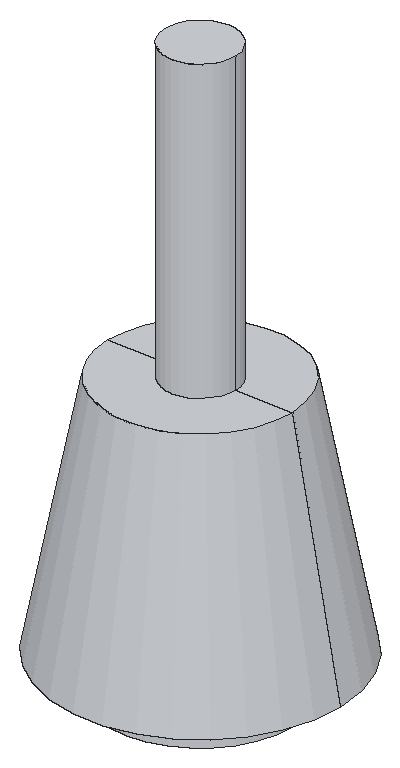
Revit family "FP_SPRNK_UP_WITH_SPRIG_WTA", category Sprinklers, Revit 2016
Family settings
  Maintain Annotation Orientation = Yes
  Part Type = Normal
  Round Connector Dimension = Use Radius
  OmniClass Number = 23.65.70.17.11.24
  OmniClass Title = Fire Fighting Sprinkler Heads
  Work Plane-Based = No
  Always vertical = Yes
  Cut with Voids When Loaded = No
  Shared = No
  Room Calculation Point = No
Parameters (values of type "STD")
  Temperature Rating = 155 °F
  SprnkPipeDropLength [instance] = 0' - 2"
  SprigNomRad = 0' - 0 1/2"
  Response = Quick
  ReducerFittingLen = 0' - 1 3/4"
  Pressure Drop [instance] = 7.00 psi
  Pressure Class = Standard
  PipeDropRad = 0' - 0 21/32"
  Overall Length = 2 3/8"
  Orifice Size = 1/2"
  Orifice = Standard
  K-Factor = 5.6
  IsStd = not(IsEC)  # yes
  IsEC = no
  Flow [instance] = 15 GPM
  Coverage = Standard
  Nominal Diameter = Nominal Radius * 2  # 1/2"
  Nominal Radius = 1/4"
  Assembly Code = ""
  A2 = 0' - 0 21/32"
  A1 = 0' - 1"
Types (2): name | Pressure Drop | Overall Length | Orifice Size | K-Factor | IsStd | IsEC | Flow | Nominal Diameter | Nominal Radius
  STD | 7.00 psi | 2 3/8" | 1/2" | 5.6 | yes | no | 15 GPM | 1/2" | 1/4"
  EC | 14.00 psi | 2 1/2" | 17/32" | 8 | no | yes | 43 GPM | 3/4" | 3/8"
Reference planes (in)
  plane 1 "Center (Front/Back)": y = 0
  plane 2: z = 0
  plane 3 "Center (Left/Right)": x = 0
  plane 4: z = 2.125
  plane 5: z = -0.25
  plane 6 "DropLenght": z = -2
  plane 7 "RedFittingBack": z = -1.75
  plane 8 "A2-SprnkEnd": x = 1
  plane 9 "A1-DropEnd": x = 0.65625
Forms (in)
  Extrusion 1, solid, detail levels fine
    sketch origin (0, 0, 0) x (1, 0, 0) y (0, 1, 0)
      loop
        circle (0, 0) r 0.25
    from 0 to 2.125
  Revolve 2, solid, detail levels fine
    sketch origin (0.20709, 0, -0.95079) x (1, 0, 0) y (0, 0, 1)
      loop
        line (-0.20709, -0.79921) -> (0.79291, -0.79921) -> (0.44916, 0.95079) -> (-0.20709, 0.95079) -> (-0.20709, -0.79921)
      axis (-0.20709, 0.95079) -> (-0.20709, -0.79921)
    angle from 0 to 360
  Extrusion 3, solid, detail levels fine
    sketch origin (-13.59129, -180, -2) x (-1, 0, 0) y (0, -1, 0)
      loop
        circle (-13.59129, -180) r 0.65625
    from 0 to 0.25
Lines and regions (in)
  model lines, detail levels coarse+medium
    curve 1: line (0, 0, 0) -> (0, 0, -1.75)
    curve 2: line (0, 0, -1.75) -> (0, 0, -2)
    curve 3: line (1, 0, 0) -> (0, 0, 2.125)
    curve 4: line (1, 0, 0) -> (-1, 0, 0)
    curve 5: line (-1, 0, 0) -> (0, 0, 2.125)
    curve 6: line (1, 0, 2.125) -> (-1, 0, 2.125)
  reference lines
    curve 7: line (0, 7.5, 0) -> (0, -7.25, 0)
    curve 8: line (-7.5, 0, 0) -> (7.5, 0, 0)
Dimensions and locks (in)
  "Overall Length": plane 4 to plane 5
  locked: level to plane 5 at 0.25
  "SprnkPipeDropLength": level to plane 6 "DropLenght"
  "ReducerFittingLen": level to plane 7 "RedFittingBack"
  "A2": plane 9 "A1-DropEnd" to plane 3 "Center (Left/Right)"
  "A1": plane 8 "A2-SprnkEnd" to plane 3 "Center (Left/Right)"
  "Nominal Radius": radius of Extrusion 1 sketch curve
  "PipeDropRad": radius of Extrusion 3 sketch curve
  aligned and locked: plane 4 to Extrusion 1
  aligned and locked: Extrusion 1 to level
  aligned and locked: Revolve 2 sketch curve to plane 3 "Center (Left/Right)"  (x2)
  aligned and locked: Revolve 2 sketch curve to plane 7 "RedFittingBack"
  aligned and locked: level to Revolve 2 sketch curve
  aligned and locked: plane 7 "RedFittingBack" to Revolve 2
  aligned and locked: level to Revolve 2
  aligned and locked: Extrusion 3 to plane 6 "DropLenght"
  aligned and locked: plane 7 "RedFittingBack" to Extrusion 3
  aligned and locked: plane 7 "RedFittingBack" to curve 2
  aligned and locked: plane 6 "DropLenght" to curve 2
Automatic sketch dimensions
  plane 1 "Center (Front/Back)" to Extrusion 3 sketch curve = 0' - 0"
  Extrusion 3 sketch curve to plane 3 "Center (Left/Right)" = 0' - 0"
  Revolve 2 sketch curve to plane 9 "A1-DropEnd" = 0' - 0"
  Revolve 2 sketch curve to plane 8 "A2-SprnkEnd" = 0' - 0"
  Revolve 2 sketch curve to plane 5 = 0' - 0.70079"
  Revolve 2 sketch curve to plane 4 = 0' - 0.89442"
  plane 1 "Center (Front/Back)" to curve 8 = 0' - 0"
  curve 7 to plane 3 "Center (Left/Right)" = 0' - 0"
  curve 8 to plane 3 "Center (Left/Right)" = 0' - 7 1/2"
  plane 8 "A2-SprnkEnd" to curve 8 = 0' - 6 1/2"
  plane 1 "Center (Front/Back)" to curve 7 = 0' - 7 1/4"
  curve 7 to plane 1 "Center (Front/Back)" = 0' - 7 1/2"
  curve 6 to plane 4 = 0' - 0"
  curve 2 to plane 3 "Center (Left/Right)" = 0' - 0"
  curve 3 to plane 3 "Center (Left/Right)" = 0' - 0"
  curve 6 to plane 8 "A2-SprnkEnd" = 0' - 0"
  curve 3 to plane 8 "A2-SprnkEnd" = 0' - 0"
  curve 1 to level = 0' - 0"
  curve 5 to plane 3 "Center (Left/Right)" = 0' - 1"
  curve 6 to curve 3 = 0' - 1"
  plane 1 "Center (Front/Back)" to Extrusion 1 sketch curve = 0' - 0"
  Extrusion 1 sketch curve to plane 3 "Center (Left/Right)" = 0' - 0"
Nested families (in)
  nested 1: "FP_SPRNK_SYM_UP_STD_WTA" at (0, 0, 0), visible <- "IsStd", type "StandardCoverage"
  nested 2: "FP_SPRNK_SYM_UP_EC_WTA" at (0, 0, 0), visible <- "IsEC", type "ExtendedCoverage"
Connectors (in)
  piping at (0, 0, -2), diameter 1, driven by "SprigNomRad"
    settings: on Extrusion 3, index 1, connector inside diameter 1", connector length 0' - 0", flow factor 0, pipe flow 0 GPM, pressure drop 0.00 psi, fitting loss kfactor 0, connector angle 0.00°, fixture units 0, engagement length 0' - 0", angle of deflection 0.00°, flow configuration 0, flow direction 0, fitting loss method 0, system type 29, joint type 0, gender type 0, connector reference index -1, connector utility 0, adjustable connector no, is connector primary yes, connector description "SprigEnd"
Definition of nested family "FP_SPRNK_SYM_UP_STD_WTA"
  Parameters (values of type "StandardCoverage")
    Symbol Radius = 0.25 * Symbol Diameter  # 0' - 0 1/32"
    Symbol Diameter = 0' - 0 1/8"
  Reference planes (in)
    plane 1: y = 0
    plane 2: x = 0
  Lines and regions (in)
    detail lines
      curve 1: circle (0, 0, 0) r 0.03125 normal (0, 0, 1)
      curve 2: line (0.08698, 0, 0) -> (0, 0.08698, 0)
      curve 3: line (0, 0.08698, 0) -> (-0.08698, 0, 0)
      curve 4: line (-0.08698, 0, 0) -> (0, -0.08698, 0)
      curve 5: line (0, -0.08698, 0) -> (0.08698, 0, 0)
  Dimensions and locks (in)
    "Symbol Radius": radius of curve 1
Definition of nested family "FP_SPRNK_SYM_UP_EC_WTA"
  Parameters (values of type "ExtendedCoverage")
    Symbol Radius = 0.25 * Symbol Diameter  # 0' - 0 1/32"
    Symbol Diameter = 0' - 0 1/8"
  Reference planes (in)
    plane 1: y = 0
    plane 2: x = 0
  Lines and regions (in)
    detail lines
      curve 1: circle (0, 0, 0) r 0.03125 normal (0, 0, 1)
      curve 2: line (0.08698, 0, 0) -> (0, 0.08698, 0)
      curve 3: line (0, 0.08698, 0) -> (-0.08698, 0, 0)
      curve 4: line (-0.08698, 0, 0) -> (0, -0.08698, 0)
      curve 5: line (0, -0.08698, 0) -> (0.08698, 0, 0)
      curve 6: line (-0.04349, -0.04349, 0) -> (0.04349, 0.04349, 0)
      curve 7: line (-0.04349, 0.04349, 0) -> (0.04349, -0.04349, 0)
  Dimensions and locks (in)
    "Symbol Radius": radius of curve 1
